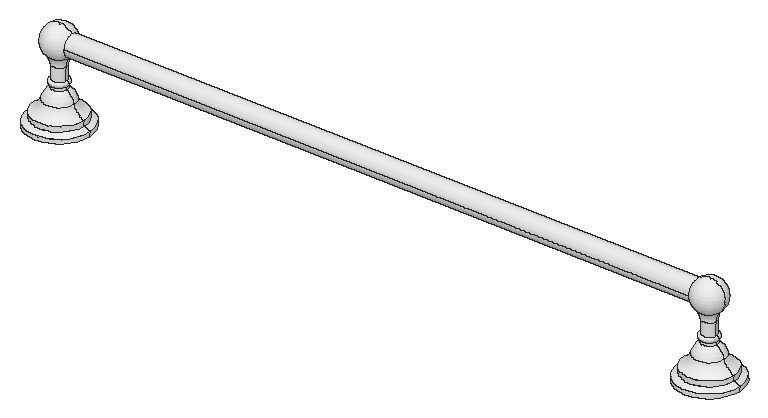
Revit family "Towel_Bar-DXV-Randall-D35102240_Series", category Specialty Equipment, host Face, Revit 2014
Parameters (values of type "D35102240.100")
  Width = 24"
  Warranty Documentation Link = "https://www.dxv.com/-/media/files/dxv/warranty/dxv_warranty_booklet.ashx"
  URL = "http://www.dxv.com"
  Type Comments = ""
  Product Page URL = "http://www.dxv.com/Product/Randall-24-inches-Towel-Bar"
  Product Documentation Link = "http://dxv.blob.core.windows.net/dxv-product-pdf-files/DXV_D35102240_Randall_towelbar_spec_en.pdf"
  Price = "Prices may vary. Please consult Manufacturer Representative for most up-to-date price list."  # constant formula
  Model = "D35102240.100"
  Material = "Metal-DXV-100-Polished Chrome"
  Body = Metal-DXV-100-Polished Chrome
  Manufacturer = "DXV"
  Length = 3 3/8"
  Installation Type = "Wall Mounted"
  Height = 2 1/4"
  Description = "Randall 24\" Towel Bar "
  Default Elevation = 40"
  Creation Date = "5/3/2014"  # constant formula
  Assembly Code = "E1090400"
Types (4): name | Model | Material | Body | Description
  (no name) | "D35102240.100" | "Metal-DXV-100-Polished Chrome" | Metal-DXV-100-Polished Chrome | "Randall 24\" Towel Bar "
  D35102240.100 | "D35102240.100" | "Metal-DXV-100-Polished Chrome" | Metal-DXV-100-Polished Chrome | "Randall 24\" Towel Bar "
  D35102240.144 | "D35102240.144" | "Metal-DXV-144-Brushed Nickel" | Metal-DXV-144-Brushed Nickel | "Randall 24\" Towel Bar"
  D35102240.150 | "D35102240.150" | "Metal-DXV-150-Platinum Nickel" | Metal-DXV-150-Platinum Nickel | "Randall 24\" Towel Bar"
Reference planes (in)
  plane 1 "Center (Front/Back)": y = 0
  plane 2: z = 0
  plane 3 "Center (Left/Right)": x = 0
  plane 4: x = 12
  plane 5: x = -12
  plane 6: x = -10.875
  plane 7: x = -13.125
  plane 8: z = 3.375
  plane 9: x = 10.875
  plane 10: x = 13.125
  plane 11: y = -1.125
  plane 12: y = 1.125
Forms (in)
  Revolve 1, solid, material "Metal-DXV-100-Polished Chrome" <- "Body"
    sketch origin (0, 0, 0) x (1, 0, 0) y (0, 0, 1)
      loop
        arc (-12, 3.375) -> (-12.54285, 3.00884) -> (-12.4067, 2.36835) r 0.58548
        arc (-12.4067, 2.36835) -> (-12.29377, 2.20404) -> (-12.25402, 2.00867) r 0.5
        line (-12.25402, 2.00867) -> (-12.25402, 1.5345)
        arc (-12.25402, 1.5345) -> (-12.33537, 1.46062) -> (-12.26965, 1.37255) r 0.08173
        line (-12.26965, 1.37255) -> (-12.26965, 1.25519)
        arc (-12.26965, 1.25519) -> (-12.44213, 1.08673) -> (-12.54144, 0.86703) r 0.65084
        arc (-12.54144, 0.86703) -> (-12.67353, 0.61435) -> (-12.90849, 0.45284) r 0.59145
        line (-12.90849, 0.45284) -> (-12.90849, 0.26802) -> (-13.125, 0.14302) -> (-13.125, 0) -> (-12, 0) -> (-12, 3.375)
      axis (-12, 3.375) -> (-12, 0)
    angle from 0 to 360
  Revolve 2, solid, material "Metal-DXV-100-Polished Chrome" <- "Body"
    sketch origin (0, 0, 0) x (-1, 0, 0) y (0, 0, -1)
      loop
        line (-12, -3.375) -> (-12, 0) -> (-13.125, 0) -> (-13.125, -0.14302) -> (-12.90849, -0.26802) -> (-12.90849, -0.45284)
        arc (-12.90849, -0.45284) -> (-12.67353, -0.61435) -> (-12.54144, -0.86703) r 0.59145
        arc (-12.54144, -0.86703) -> (-12.44213, -1.08673) -> (-12.26965, -1.25519) r 0.65084
        line (-12.26965, -1.25519) -> (-12.26965, -1.37255)
        arc (-12.26965, -1.37255) -> (-12.33537, -1.46062) -> (-12.25402, -1.5345) r 0.08173
        line (-12.25402, -1.5345) -> (-12.25402, -2.00867)
        arc (-12.25402, -2.00867) -> (-12.29377, -2.20404) -> (-12.4067, -2.36835) r 0.5
        arc (-12.4067, -2.36835) -> (-12.54285, -3.00884) -> (-12, -3.375) r 0.58548
      axis (-12, -3.375) -> (-12, 0)
    angle from 0 to 360
  Extrusion 3, solid, material "Metal-DXV-100-Polished Chrome" <- "Body"
    sketch origin (0, 0, 0) x (0, 1, 0) y (0, 0, 1)
      loop
        circle (0, 2.78863) r 0.375
    from -12 to 12
Cuts and joins
  joined: Revolve 1, Revolve 2, Extrusion 3
Lines and regions (in)
  Masking region 1
    outline origin (0, 0, 0) x (1, 0, 0) y (0, 0, 1)
      loop
        line (11.54963, 3.16363) -> (-11.54963, 3.16363)
        arc (-11.54963, 3.16363) -> (-12.41825, 3.19634) -> (-12.36536, 2.32871) r 0.58648
        arc (-12.36536, 2.32871) -> (-12.28192, 2.16989) -> (-12.25312, 1.99281) r 0.55876
        line (-12.25312, 1.99281) -> (-12.25312, 1.53628)
        arc (-12.25312, 1.53628) -> (-12.3349, 1.46183) -> (-12.26965, 1.37255) r 0.08276
        line (-12.26965, 1.37255) -> (-12.26965, 1.25519)
        arc (-12.26965, 1.25519) -> (-12.46, 1.06518) -> (-12.55616, 0.81399) r 0.64414
        arc (-12.55616, 0.81399) -> (-12.69199, 0.59406) -> (-12.90849, 0.45284) r 0.59283
        line (-12.90849, 0.45284) -> (-12.90849, 0.26802) -> (-13.125, 0.14302) -> (-13.125, 0) -> (-10.875, 0) -> (-10.875, 0.14302) -> (-11.09151, 0.26802) -> (-11.09151, 0.45284)
        arc (-11.09151, 0.45284) -> (-11.30801, 0.59406) -> (-11.44384, 0.81399) r 0.59283
        arc (-11.44384, 0.81399) -> (-11.54, 1.06518) -> (-11.73035, 1.25519) r 0.64414
        line (-11.73035, 1.25519) -> (-11.73035, 1.37255)
        arc (-11.73035, 1.37255) -> (-11.6651, 1.46183) -> (-11.74688, 1.53628) r 0.08276
        line (-11.74688, 1.53628) -> (-11.74688, 1.99281)
        arc (-11.74688, 1.99281) -> (-11.69684, 2.22391) -> (-11.55571, 2.41363) r 0.55876
        line (-11.55571, 2.41363) -> (11.55571, 2.41363)
        arc (11.55571, 2.41363) -> (11.69684, 2.22391) -> (11.74688, 1.99281) r 0.55876
        line (11.74688, 1.99281) -> (11.74688, 1.53628)
        arc (11.74688, 1.53628) -> (11.6651, 1.46183) -> (11.73035, 1.37255) r 0.08276
        line (11.73035, 1.37255) -> (11.73035, 1.25519)
        arc (11.73035, 1.25519) -> (11.54, 1.06518) -> (11.44384, 0.81399) r 0.64414
        arc (11.44384, 0.81399) -> (11.30801, 0.59406) -> (11.09151, 0.45284) r 0.59283
        line (11.09151, 0.45284) -> (11.09151, 0.26802) -> (10.875, 0.14302) -> (10.875, 0) -> (13.125, 0) -> (13.125, 0.14302) -> (12.90849, 0.26802) -> (12.90849, 0.45284)
        arc (12.90849, 0.45284) -> (12.69199, 0.59406) -> (12.55616, 0.81399) r 0.59283
        arc (12.55616, 0.81399) -> (12.46, 1.06518) -> (12.26965, 1.25519) r 0.64414
        line (12.26965, 1.25519) -> (12.26965, 1.37255)
        arc (12.26965, 1.37255) -> (12.3349, 1.46183) -> (12.25312, 1.53628) r 0.08276
        line (12.25312, 1.53628) -> (12.25312, 1.99281)
        arc (12.25312, 1.99281) -> (12.28192, 2.16989) -> (12.36536, 2.32871) r 0.55876
        arc (12.36536, 2.32871) -> (12.41825, 3.19634) -> (11.54963, 3.16363) r 0.58648
  symbolic lines, detail levels fine
    curve 1: line (11.74688, 0, 1.5345) -> (12.26965, 0, 1.5345)
    curve 2: line (11.73035, 0, 1.37255) -> (12.26965, 0, 1.37255)
    curve 3: line (11.73035, 0, 1.25519) -> (12.26965, 0, 1.25519)
    curve 7: line (-11.74688, 0, 1.5345) -> (-12.26965, 0, 1.5345)
    curve 8: line (-11.73035, 0, 1.37255) -> (-12.26965, 0, 1.37255)
    curve 9: line (-11.73035, 0, 1.25519) -> (-12.26965, 0, 1.25519)
    curve 13: arc (11.54963, 0, 3.16363) -> (11.4553, 0, 2.79394) -> (11.54467, 0, 2.42302) r 0.79242
    curve 14: arc (-11.54963, 0, 3.16363) -> (-11.4553, 0, 2.79394) -> (-11.54467, 0, 2.42302) r 0.79242
  symbolic lines, detail levels medium+fine
    curve 4: line (11.09151, 0, 0.45284) -> (12.90849, 0, 0.45284)
    curve 5: line (11.09151, 0, 0.26802) -> (12.90849, 0, 0.26802)
    curve 6: line (10.875, 0, 0.14302) -> (13.125, 0, 0.14302)
    curve 10: line (-11.09151, 0, 0.45284) -> (-12.90849, 0, 0.45284)
    curve 11: line (-11.09151, 0, 0.26802) -> (-12.90849, 0, 0.26802)
    curve 12: line (-10.875, 0, 0.14302) -> (-13.125, 0, 0.14302)
Dimensions and locks (in)
  "Height": plane 6 to plane 7
  "Length": host face to plane 8
  "Width": plane 5 to plane 4
  aligned and locked: plane 2 to host face
  aligned and locked: level to host face
Automatic sketch dimensions
  host sketch curve to host sketch curve = 96"  (x2)
  plane 7 to Revolve 1 sketch curve = 0"
  Revolve 1 sketch curve to plane 5 = 0"  (x2)
  Revolve 1 sketch curve to level = 0"  (x2)
  Revolve 1 sketch curve to plane 8 = 0"
  Revolve 1 sketch curve to plane 7 = 0.00882"
  Revolve 1 sketch curve to plane 7 = 0.21651"
  Revolve 1 sketch curve to plane 7 = 0.37098"
  Revolve 1 sketch curve to plane 5 = 0.54144"
  Revolve 1 sketch curve to Revolve 1 sketch curve = 0"  (x4)
  Revolve 1 sketch curve to plane 5 = 0.4067"
  Revolve 1 sketch curve to plane 5 = 0.26965"
  Revolve 1 sketch curve to Revolve 1 sketch curve = 1/64"
  plane 5 to Revolve 1 sketch curve = 0.09101"
  Revolve 1 sketch curve to Revolve 1 sketch curve = 0.30329"
  Revolve 1 sketch curve to Revolve 1 sketch curve = 0.14302"
  Revolve 1 sketch curve to Revolve 1 sketch curve = 1/8"
  Revolve 1 sketch curve to Revolve 1 sketch curve = 0.18482"
  level to Revolve 1 sketch curve = 0.71342"
  Revolve 1 sketch curve to Revolve 1 sketch curve = 0.11735"
  Revolve 1 sketch curve to Revolve 1 sketch curve = 0.08022"
  Revolve 2 sketch curve to level = 0"  (x2)
  plane 4 to Revolve 2 sketch curve = 0"  (x2)
  Revolve 2 sketch curve to plane 8 = 0"
  Revolve 2 sketch curve to plane 4 = 0.25402"
  Revolve 2 sketch curve to Revolve 2 sketch curve = 1/64"
  Revolve 2 sketch curve to Revolve 2 sketch curve = 0"  (x4)
  Revolve 2 sketch curve to Revolve 2 sketch curve = 0.15268"
  Revolve 2 sketch curve to Revolve 2 sketch curve = 0.2718"
  Revolve 2 sketch curve to Revolve 2 sketch curve = 0.34732"
  level to Revolve 2 sketch curve = 0.26802"
  Revolve 2 sketch curve to Revolve 2 sketch curve = 0.36705"
  Revolve 2 sketch curve to Revolve 2 sketch curve = 0.20769"
  Revolve 2 sketch curve to Revolve 2 sketch curve = 0.21651"
  plane 4 to Revolve 2 sketch curve = 0.09101"
  Revolve 2 sketch curve to Revolve 2 sketch curve = 0.47417"
  Revolve 2 sketch curve to Revolve 2 sketch curve = 0.08173"
  Revolve 2 sketch curve to Revolve 2 sketch curve = 0.11735"
  Revolve 2 sketch curve to Revolve 2 sketch curve = 0.73861"
  level to Revolve 2 sketch curve = 0.14302"
  Revolve 2 sketch curve to Revolve 2 sketch curve = 0.30329"
  Extrusion 3 sketch curve to plane 1 "Center (Front/Back)" = 0"
  plane 8 to Extrusion 3 sketch curve = 0.58637"
  Masking region 1 sketch curve to level = 0"  (x2)
  plane 7 to Masking region 1 sketch curve = 0"
  Masking region 1 sketch curve to plane 6 = 0"
  plane 9 to Masking region 1 sketch curve = 0"
  Masking region 1 sketch curve to plane 10 = 0"
  Masking region 1 sketch curve to plane 7 = 0.00866"
  Masking region 1 sketch curve to plane 7 = 0.21651"
  Masking region 1 sketch curve to plane 7 = 0.31312"
  Masking region 1 sketch curve to Masking region 1 sketch curve = 0.35233"  (x2)
  Masking region 1 sketch curve to plane 5 = 0.36536"
  Masking region 1 sketch curve to plane 5 = 0.25312"
  Masking region 1 sketch curve to plane 5 = 0.26965"
  Masking region 1 sketch curve to Masking region 1 sketch curve = 0.00057"  (x2)
  Masking region 1 sketch curve to plane 5 = 0.08022"
  plane 5 to Masking region 1 sketch curve = 0.00124"
  plane 5 to Masking region 1 sketch curve = 0.08022"
  plane 5 to Masking region 1 sketch curve = 0.25256"
  Masking region 1 sketch curve to Masking region 1 sketch curve = 0.01709"  (x3)
  plane 5 to Masking region 1 sketch curve = 0.44429"
  plane 8 to Masking region 1 sketch curve = 0.21137"
  plane 5 to Masking region 1 sketch curve = 0.45037"
  Masking region 1 sketch curve to Masking region 1 sketch curve = 0.47594"  (x2)
  Masking region 1 sketch curve to plane 6 = 0.31312"
  Masking region 1 sketch curve to plane 6 = 0.21651"
  Masking region 1 sketch curve to plane 6 = 0.00866"
  Masking region 1 sketch curve to plane 9 = 0.00866"
  Masking region 1 sketch curve to plane 9 = 0.21651"
  Masking region 1 sketch curve to plane 9 = 0.31312"
  plane 4 to Masking region 1 sketch curve = 0.45037"
  plane 4 to Masking region 1 sketch curve = 0.44429"
  plane 4 to Masking region 1 sketch curve = 0.26965"
  Masking region 1 sketch curve to Masking region 1 sketch curve = 0.01652"
  plane 4 to Masking region 1 sketch curve = 0.08022"
  plane 4 to Masking region 1 sketch curve = 0.00124"
  Masking region 1 sketch curve to plane 4 = 0.08022"
  Masking region 1 sketch curve to plane 4 = 0.25256"
  Masking region 1 sketch curve to plane 4 = 0.25312"
  Masking region 1 sketch curve to Masking region 1 sketch curve = 0.11224"
  Masking region 1 sketch curve to plane 10 = 0.31312"
  Masking region 1 sketch curve to plane 10 = 0.21651"
  Masking region 1 sketch curve to plane 10 = 0.00866"
  level to Masking region 1 sketch curve = 0.14302"  (x4)
  Masking region 1 sketch curve to Masking region 1 sketch curve = 1/8"  (x4)
  Masking region 1 sketch curve to Masking region 1 sketch curve = 0.18482"  (x4)
  level to Masking region 1 sketch curve = 0.71435"  (x2)
  Masking region 1 sketch curve to Masking region 1 sketch curve = 0"  (x2)
  Masking region 1 sketch curve to Masking region 1 sketch curve = 0.09964"  (x4)
  Masking region 1 sketch curve to Masking region 1 sketch curve = 0.11735"  (x4)
  Masking region 1 sketch curve to Masking region 1 sketch curve = 0.08097"  (x4)
  Masking region 1 sketch curve to Masking region 1 sketch curve = 0.45653"  (x3)
  plane 7 to curve 12 = 0"
  curve 12 to plane 6 = 0"
  plane 9 to curve 6 = 0"
  curve 6 to plane 10 = 0"
  curve 14 to plane 5 = 0.24771"
  curve 13 to plane 4 = 0.24771"
  plane 8 to curve 14 = 0.58637"
  plane 8 to curve 13 = 0.58637"
  curve 11 to plane 7 = 0.21651"
  curve 10 to curve 11 = 0"  (x2)
  curve 9 to plane 5 = 0.26965"
  curve 7 to plane 5 = 0.26965"
  curve 8 to curve 9 = 0"  (x2)
  plane 5 to curve 7 = 0.25312"
  curve 7 to curve 8 = 0.01652"
  plane 8 to curve 14 = 0.21137"
  plane 5 to curve 14 = 0.45037"
  plane 5 to curve 14 = 0.45533"
  curve 10 to plane 6 = 0.21651"
  curve 5 to plane 9 = 0.21651"
  curve 4 to curve 5 = 0"  (x2)
  plane 4 to curve 13 = 0.45533"
  plane 8 to curve 13 = 0.21137"
  plane 4 to curve 13 = 0.45037"
  plane 4 to curve 3 = 0.26965"
  curve 2 to curve 3 = 0"  (x2)
  curve 2 to curve 1 = 0.01652"
  curve 3 to plane 4 = 0.26965"
  curve 1 to plane 4 = 0.26965"
  curve 5 to plane 10 = 0.21651"
  curve 1 to curve 13 = 0.88853"
  curve 7 to curve 14 = 0.88853"
  curve 8 to curve 7 = 0.16195"
  curve 2 to curve 1 = 0.16195"
  curve 9 to curve 8 = 0.11735"
  curve 3 to curve 2 = 0.11735"
  level to curve 10 = 0.45284"
  level to curve 4 = 0.45284"
  curve 11 to curve 10 = 0.18482"
  curve 5 to curve 4 = 0.18482"
  level to curve 6 = 0.14302"
  level to curve 12 = 0.14302"
  radius of Extrusion 3 sketch curve = 3/8"
